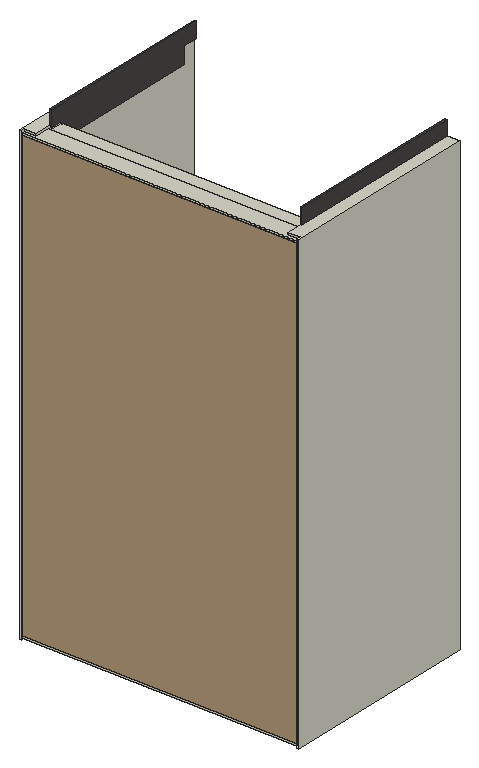
Revit family "vanity unit-hansgrohe-54167XXX-Xevolos E Vanity unit Sand Matt Beige 340_245 for handrinse basin, door hinge left", category Furniture, Revit 2019
Family settings
  OmniClass Number = 23.40.00.00
  OmniClass Title = Equipment and Furnishings
  Work Plane-Based = No
  Always vertical = Yes
  Cut with Voids When Loaded = No
  Shared = Yes
  Room Calculation Point = No
Parameters (values of type "54167390-SAND_MATT_BEIGE-PATTEREND_BRONZE-400")
  etim7_EC011381 = "EC011381"
  WEIGHT = "8"
  UNSPSC = "56 | Furniture and Furnishings"
  UNIFORMATII = "E2010 | Fixed Furnishings"
  UNICLASS_2015_CODE = "40_30_78_05"
  UNICLASS2015 = "Pr_40_30_78_05 | Bathroom furniture"
  SURFACE = "PATTEREND_BRONZE"
  REGION = "Worldwide"
  PRODUCTURL = "https://pro.hansgrohe.com/articledetail--54167790"
  PERMALINK = "54167XXX"
  OMNICLASS = "23-21 19 15 33 13 | Residential Bathroom Specialty Casework"
  OBJECTTYPE = "Object (single object)"
  OBERFLAECHE = "SAND_MATT_BEIGE"
  NN = "Vanity Unit for handrinse basin, door hinge"
  NBSYN = "$ARTNR.-$OBERFLAECHE.-$SURFACE.-$LODLEVEL."
  NB = "54167390-SAND_MATT_BEIGE-PATTEREND_BRONZE-400"
  NAME = "Xevolos E Vanity unit Sand Matt Beige 340/245 for handrinse basin, door hinge left"
  Model = "54167390-SAND_MATT_BEIGE-PATTEREND_BRONZE-400"
  Manufacturer = "Hansgrohe"
  MIdent = "{$CADENAS_DATA/23d-libs/hansgrohe/xevolos_furniture/xevolos_vanity_unit_for_handrinse_basin_door_hinge/vanity_unit_for_handrinse_basin_with_door_hing.prj},275 {VTYP=3D},{NB=54167390-SAND_MATT_BEIGE-PATTEREND_BRONZE-400},{LINA=54167390-SAND_MATT_BEIGE-PATTEREND_BRONZE-400},{NN=Vanity Unit for handrinse basin, door hinge},{DATE=13.03.2023 12:26:36},{GEOMDATE=12.03.2023 06:59:00},{VERSION=},{LINEID=40},{WBVAR=LODLEVEL},{WBNUMERIC=}  {NB=54167390-SAND_MATT_BEIGE-PATTEREND_BRONZE-400},{LINA=54167390-SAND_MATT_BEIGE-PATTEREND_BRONZE-400},{KT=DUMMY},{IDNR=4},{ARTNR=54167390},{BASENUMBER=54167},{MODEL=54167XXX},{OBERFLAECHE=SAND_MATT_BEIGE},{SURFACE=PATTEREND_BRONZE},{L=340},{LODLEVEL=400},{LODLEVELX='400','400','200','200'},{NAME=Xevolos E Vanity unit Sand Matt Beige 340/245 for handrinse basin, door hinge left},{PERMALINK=54167XXX},{OBJECTTYPE=Object (single object)},{BIMOBJECT=Sanitary: Compound units},{COLLECTIONSET=Xevolos E},{COLLECTION=vanity unit},{WEIGHT=8},{DESCRIPTION=Xevolos E Vanity unit Sand Matt Beige 340/245 for handrinse basin, door hinge left},{PRODUCTURL=https://pro.hansgrohe.com/articledetail--54167790},{GTINCODE=},{TENDERURL=},{IFC=Furnishing element},{ETIM=EC011381 | Bathroom furniture set},{UNICLASS2015=Pr_40_30_78_05 | Bathroom furniture},{OMNICLASS=23-21 19 15 33 13 | Residential Bathroom Specialty Casework},{MASTERFORMAT=12 35 30.23 | Bathroom Casework},{UNSPSC=56 | Furniture and Furnishings},{UNIFORMATII=E2010 | Fixed Furnishings},{REGION=Worldwide},{DESIGN=Germany},{MANUFACTURER=Germany}"
  MASTERFORMAT = "12 35 30.23 | Bathroom Casework"
  LODLEVEL = "400"
  LINA = "54167390-SAND_MATT_BEIGE-PATTEREND_BRONZE-400"
  L = 340
  IFC = "Furnishing element"
  IDNR = 4
  ETIM = "EC011381 | Bathroom furniture set"
  DESIGN = "Germany"
  COLLECTIONSET = "Xevolos E"
  COLLECTION = "vanity unit"
  CATALOG = "Hansgrohe"
  BIMOBJECT = "Sanitary: Compound units"
  BASENUMBER = "54167"
  ARTNR = "54167390"
  54167790-SAND_MATT_BEIGE-METALLIC_SAND_BEIGE-400_RX0RY0RZ0TX0TY0TZ0_V = no
  54167790-SAND_MATT_BEIGE-METALLIC_SAND_BEIGE-200_RX0RY0RZ0TX0TY0TZ0_V = no
  54167730-SAND_MATT_BEIGE-DARK_OAK-400_RX0RY0RZ0TX0TY0TZ0_V = no
  54167730-SAND_MATT_BEIGE-DARK_OAK-200_RX0RY0RZ0TX0TY0TZ0_V = no
  54167390-SAND_MATT_BEIGE-PATTEREND_BRONZE-400_RX0RY0RZ0TX0TY0TZ0_V = yes
  54167390-SAND_MATT_BEIGE-PATTEREND_BRONZE-200_RX0RY0RZ0TX0TY0TZ0_V = no
Types (6, lengths in mm): name | SURFACE | NB | Model | MIdent | LODLEVEL | LINA | IDNR | ARTNR | 54167790-SAND_MATT_BEIGE-METALLIC_SAND_BEIGE-400_RX0RY0RZ0TX0TY0TZ0_V | 54167790-SAND_MATT_BEIGE-METALLIC_SAND_BEIGE-200_RX0RY0RZ0TX0TY0TZ0_V | 54167730-SAND_MATT_BEIGE-DARK_OAK-400_RX0RY0RZ0TX0TY0TZ0_V | 54167730-SAND_MATT_BEIGE-DARK_OAK-200_RX0RY0RZ0TX0TY0TZ0_V | 54167390-SAND_MATT_BEIGE-PATTEREND_BRONZE-400_RX0RY0RZ0TX0TY0TZ0_V | 54167390-SAND_MATT_BEIGE-PATTEREND_BRONZE-200_RX0RY0RZ0TX0TY0TZ0_V
  54167390-SAND_MATT_BEIGE-PATTEREND_BRONZE-200 | "PATTEREND_BRONZE" | "54167390-SAND_MATT_BEIGE-PATTEREND_BRONZE-200" | "54167390-SAND_MATT_BEIGE-PATTEREND_BRONZE-200" | "{$CADENAS_DATA/23d-libs/hansgrohe/xevolos_furniture/xevolos_vanity_unit_for_handrinse_basin_door_hinge/vanity_unit_for_handrinse_basin_with_door_hing.prj},275 {VTYP=3D},{NB=54167390-SAND_MATT_BEIGE-PATTEREND_BRONZE-200},{LINA=54167390-SAND_MATT_BEIGE-PATTEREND_BRONZE-200},{NN=Vanity Unit for handrinse basin, door hinge},{DATE=13.03.2023 12:26:36},{GEOMDATE=12.03.2023 06:59:00},{VERSION=},{LINEID=40},{WBVAR=LODLEVEL},{WBNUMERIC=}  {NB=54167390-SAND_MATT_BEIGE-PATTEREND_BRONZE-200},{LINA=54167390-SAND_MATT_BEIGE-PATTEREND_BRONZE-200},{KT=DUMMY},{IDNR=4},{ARTNR=54167390},{BASENUMBER=54167},{MODEL=54167XXX},{OBERFLAECHE=SAND_MATT_BEIGE},{SURFACE=PATTEREND_BRONZE},{L=340},{LODLEVEL=200},{LODLEVELX='400','400','200','200'},{NAME=Xevolos E Vanity unit Sand Matt Beige 340/245 for handrinse basin, door hinge left},{PERMALINK=54167XXX},{OBJECTTYPE=Object (single object)},{BIMOBJECT=Sanitary: Compound units},{COLLECTIONSET=Xevolos E},{COLLECTION=vanity unit},{WEIGHT=8},{DESCRIPTION=Xevolos E Vanity unit Sand Matt Beige 340/245 for handrinse basin, door hinge left},{PRODUCTURL=https://pro.hansgrohe.com/articledetail--54167790},{GTINCODE=},{TENDERURL=},{IFC=Furnishing element},{ETIM=EC011381 | Bathroom furniture set},{UNICLASS2015=Pr_40_30_78_05 | Bathroom furniture},{OMNICLASS=23-21 19 15 33 13 | Residential Bathroom Specialty Casework},{MASTERFORMAT=12 35 30.23 | Bathroom Casework},{UNSPSC=56 | Furniture and Furnishings},{UNIFORMATII=E2010 | Fixed Furnishings},{REGION=Worldwide},{DESIGN=Germany},{MANUFACTURER=Germany}" | "200" | "54167390-SAND_MATT_BEIGE-PATTEREND_BRONZE-200" | 4 | "54167390" | no | no | no | no | no | yes
  54167390-SAND_MATT_BEIGE-PATTEREND_BRONZE-400 | "PATTEREND_BRONZE" | "54167390-SAND_MATT_BEIGE-PATTEREND_BRONZE-400" | "54167390-SAND_MATT_BEIGE-PATTEREND_BRONZE-400" | "{$CADENAS_DATA/23d-libs/hansgrohe/xevolos_furniture/xevolos_vanity_unit_for_handrinse_basin_door_hinge/vanity_unit_for_handrinse_basin_with_door_hing.prj},275 {VTYP=3D},{NB=54167390-SAND_MATT_BEIGE-PATTEREND_BRONZE-400},{LINA=54167390-SAND_MATT_BEIGE-PATTEREND_BRONZE-400},{NN=Vanity Unit for handrinse basin, door hinge},{DATE=13.03.2023 12:26:36},{GEOMDATE=12.03.2023 06:59:00},{VERSION=},{LINEID=40},{WBVAR=LODLEVEL},{WBNUMERIC=}  {NB=54167390-SAND_MATT_BEIGE-PATTEREND_BRONZE-400},{LINA=54167390-SAND_MATT_BEIGE-PATTEREND_BRONZE-400},{KT=DUMMY},{IDNR=4},{ARTNR=54167390},{BASENUMBER=54167},{MODEL=54167XXX},{OBERFLAECHE=SAND_MATT_BEIGE},{SURFACE=PATTEREND_BRONZE},{L=340},{LODLEVEL=400},{LODLEVELX='400','400','200','200'},{NAME=Xevolos E Vanity unit Sand Matt Beige 340/245 for handrinse basin, door hinge left},{PERMALINK=54167XXX},{OBJECTTYPE=Object (single object)},{BIMOBJECT=Sanitary: Compound units},{COLLECTIONSET=Xevolos E},{COLLECTION=vanity unit},{WEIGHT=8},{DESCRIPTION=Xevolos E Vanity unit Sand Matt Beige 340/245 for handrinse basin, door hinge left},{PRODUCTURL=https://pro.hansgrohe.com/articledetail--54167790},{GTINCODE=},{TENDERURL=},{IFC=Furnishing element},{ETIM=EC011381 | Bathroom furniture set},{UNICLASS2015=Pr_40_30_78_05 | Bathroom furniture},{OMNICLASS=23-21 19 15 33 13 | Residential Bathroom Specialty Casework},{MASTERFORMAT=12 35 30.23 | Bathroom Casework},{UNSPSC=56 | Furniture and Furnishings},{UNIFORMATII=E2010 | Fixed Furnishings},{REGION=Worldwide},{DESIGN=Germany},{MANUFACTURER=Germany}" | "400" | "54167390-SAND_MATT_BEIGE-PATTEREND_BRONZE-400" | 4 | "54167390" | no | no | no | no | yes | no
  54167730-SAND_MATT_BEIGE-DARK_OAK-200 | "DARK_OAK" | "54167730-SAND_MATT_BEIGE-DARK_OAK-200" | "54167730-SAND_MATT_BEIGE-DARK_OAK-200" | "{$CADENAS_DATA/23d-libs/hansgrohe/xevolos_furniture/xevolos_vanity_unit_for_handrinse_basin_door_hinge/vanity_unit_for_handrinse_basin_with_door_hing.prj},259 {VTYP=3D},{NB=54167730-SAND_MATT_BEIGE-DARK_OAK-200},{LINA=54167730-SAND_MATT_BEIGE-DARK_OAK-200},{NN=Vanity Unit for handrinse basin, door hinge},{DATE=13.03.2023 12:26:36},{GEOMDATE=12.03.2023 06:59:00},{VERSION=},{LINEID=50},{WBVAR=LODLEVEL},{WBNUMERIC=}  {NB=54167730-SAND_MATT_BEIGE-DARK_OAK-200},{LINA=54167730-SAND_MATT_BEIGE-DARK_OAK-200},{KT=DUMMY},{IDNR=5},{ARTNR=54167730},{BASENUMBER=54167},{MODEL=54167XXX},{OBERFLAECHE=SAND_MATT_BEIGE},{SURFACE=DARK_OAK},{L=340},{LODLEVEL=200},{LODLEVELX='400','400','200','200'},{NAME=Xevolos E Vanity unit Sand Matt Beige 340/245 for handrinse basin, door hinge left},{PERMALINK=54167XXX},{OBJECTTYPE=Object (single object)},{BIMOBJECT=Sanitary: Compound units},{COLLECTIONSET=Xevolos E},{COLLECTION=vanity unit},{WEIGHT=8},{DESCRIPTION=Xevolos E Vanity unit Sand Matt Beige 340/245 for handrinse basin, door hinge left},{PRODUCTURL=https://pro.hansgrohe.com/articledetail--54167790},{GTINCODE=},{TENDERURL=},{IFC=Furnishing element},{ETIM=EC011381 | Bathroom furniture set},{UNICLASS2015=Pr_40_30_78_05 | Bathroom furniture},{OMNICLASS=23-21 19 15 33 13 | Residential Bathroom Specialty Casework},{MASTERFORMAT=12 35 30.23 | Bathroom Casework},{UNSPSC=56 | Furniture and Furnishings},{UNIFORMATII=E2010 | Fixed Furnishings},{REGION=Worldwide},{DESIGN=Germany},{MANUFACTURER=Germany}" | "200" | "54167730-SAND_MATT_BEIGE-DARK_OAK-200" | 5 | "54167730" | no | no | no | yes | no | no
  54167730-SAND_MATT_BEIGE-DARK_OAK-400 | "DARK_OAK" | "54167730-SAND_MATT_BEIGE-DARK_OAK-400" | "54167730-SAND_MATT_BEIGE-DARK_OAK-400" | "{$CADENAS_DATA/23d-libs/hansgrohe/xevolos_furniture/xevolos_vanity_unit_for_handrinse_basin_door_hinge/vanity_unit_for_handrinse_basin_with_door_hing.prj},259 {VTYP=3D},{NB=54167730-SAND_MATT_BEIGE-DARK_OAK-400},{LINA=54167730-SAND_MATT_BEIGE-DARK_OAK-400},{NN=Vanity Unit for handrinse basin, door hinge},{DATE=13.03.2023 12:26:36},{GEOMDATE=12.03.2023 06:59:00},{VERSION=},{LINEID=50},{WBVAR=LODLEVEL},{WBNUMERIC=}  {NB=54167730-SAND_MATT_BEIGE-DARK_OAK-400},{LINA=54167730-SAND_MATT_BEIGE-DARK_OAK-400},{KT=DUMMY},{IDNR=5},{ARTNR=54167730},{BASENUMBER=54167},{MODEL=54167XXX},{OBERFLAECHE=SAND_MATT_BEIGE},{SURFACE=DARK_OAK},{L=340},{LODLEVEL=400},{LODLEVELX='400','400','200','200'},{NAME=Xevolos E Vanity unit Sand Matt Beige 340/245 for handrinse basin, door hinge left},{PERMALINK=54167XXX},{OBJECTTYPE=Object (single object)},{BIMOBJECT=Sanitary: Compound units},{COLLECTIONSET=Xevolos E},{COLLECTION=vanity unit},{WEIGHT=8},{DESCRIPTION=Xevolos E Vanity unit Sand Matt Beige 340/245 for handrinse basin, door hinge left},{PRODUCTURL=https://pro.hansgrohe.com/articledetail--54167790},{GTINCODE=},{TENDERURL=},{IFC=Furnishing element},{ETIM=EC011381 | Bathroom furniture set},{UNICLASS2015=Pr_40_30_78_05 | Bathroom furniture},{OMNICLASS=23-21 19 15 33 13 | Residential Bathroom Specialty Casework},{MASTERFORMAT=12 35 30.23 | Bathroom Casework},{UNSPSC=56 | Furniture and Furnishings},{UNIFORMATII=E2010 | Fixed Furnishings},{REGION=Worldwide},{DESIGN=Germany},{MANUFACTURER=Germany}" | "400" | "54167730-SAND_MATT_BEIGE-DARK_OAK-400" | 5 | "54167730" | no | no | yes | no | no | no
  54167790-SAND_MATT_BEIGE-METALLIC_SAND_BEIGE-200 | "METALLIC_SAND_BEIGE" | "54167790-SAND_MATT_BEIGE-METALLIC_SAND_BEIGE-200" | "54167790-SAND_MATT_BEIGE-METALLIC_SAND_BEIGE-200" | "{$CADENAS_DATA/23d-libs/hansgrohe/xevolos_furniture/xevolos_vanity_unit_for_handrinse_basin_door_hinge/vanity_unit_for_handrinse_basin_with_door_hing.prj},281 {VTYP=3D},{NB=54167790-SAND_MATT_BEIGE-METALLIC_SAND_BEIGE-200},{LINA=54167790-SAND_MATT_BEIGE-METALLIC_SAND_BEIGE-200},{NN=Vanity Unit for handrinse basin, door hinge},{DATE=13.03.2023 12:26:36},{GEOMDATE=12.03.2023 06:59:00},{VERSION=},{LINEID=60},{WBVAR=LODLEVEL},{WBNUMERIC=}  {NB=54167790-SAND_MATT_BEIGE-METALLIC_SAND_BEIGE-200},{LINA=54167790-SAND_MATT_BEIGE-METALLIC_SAND_BEIGE-200},{KT=DUMMY},{IDNR=6},{ARTNR=54167790},{BASENUMBER=54167},{MODEL=54167XXX},{OBERFLAECHE=SAND_MATT_BEIGE},{SURFACE=METALLIC_SAND_BEIGE},{L=340},{LODLEVEL=200},{LODLEVELX='400','400','200','200'},{NAME=Xevolos E Vanity unit Sand Matt Beige 340/245 for handrinse basin, door hinge left},{PERMALINK=54167XXX},{OBJECTTYPE=Object (single object)},{BIMOBJECT=Sanitary: Compound units},{COLLECTIONSET=Xevolos E},{COLLECTION=vanity unit},{WEIGHT=8},{DESCRIPTION=Xevolos E Vanity unit Sand Matt Beige 340/245 for handrinse basin, door hinge left},{PRODUCTURL=https://pro.hansgrohe.com/articledetail--54167790},{GTINCODE=},{TENDERURL=},{IFC=Furnishing element},{ETIM=EC011381 | Bathroom furniture set},{UNICLASS2015=Pr_40_30_78_05 | Bathroom furniture},{OMNICLASS=23-21 19 15 33 13 | Residential Bathroom Specialty Casework},{MASTERFORMAT=12 35 30.23 | Bathroom Casework},{UNSPSC=56 | Furniture and Furnishings},{UNIFORMATII=E2010 | Fixed Furnishings},{REGION=Worldwide},{DESIGN=Germany},{MANUFACTURER=Germany}" | "200" | "54167790-SAND_MATT_BEIGE-METALLIC_SAND_BEIGE-200" | 6 | "54167790" | no | yes | no | no | no | no
  54167790-SAND_MATT_BEIGE-METALLIC_SAND_BEIGE-400 | "METALLIC_SAND_BEIGE" | "54167790-SAND_MATT_BEIGE-METALLIC_SAND_BEIGE-400" | "54167790-SAND_MATT_BEIGE-METALLIC_SAND_BEIGE-400" | "{$CADENAS_DATA/23d-libs/hansgrohe/xevolos_furniture/xevolos_vanity_unit_for_handrinse_basin_door_hinge/vanity_unit_for_handrinse_basin_with_door_hing.prj},281 {VTYP=3D},{NB=54167790-SAND_MATT_BEIGE-METALLIC_SAND_BEIGE-400},{LINA=54167790-SAND_MATT_BEIGE-METALLIC_SAND_BEIGE-400},{NN=Vanity Unit for handrinse basin, door hinge},{DATE=13.03.2023 12:26:36},{GEOMDATE=12.03.2023 06:59:00},{VERSION=},{LINEID=60},{WBVAR=LODLEVEL},{WBNUMERIC=}  {NB=54167790-SAND_MATT_BEIGE-METALLIC_SAND_BEIGE-400},{LINA=54167790-SAND_MATT_BEIGE-METALLIC_SAND_BEIGE-400},{KT=DUMMY},{IDNR=6},{ARTNR=54167790},{BASENUMBER=54167},{MODEL=54167XXX},{OBERFLAECHE=SAND_MATT_BEIGE},{SURFACE=METALLIC_SAND_BEIGE},{L=340},{LODLEVEL=400},{LODLEVELX='400','400','200','200'},{NAME=Xevolos E Vanity unit Sand Matt Beige 340/245 for handrinse basin, door hinge left},{PERMALINK=54167XXX},{OBJECTTYPE=Object (single object)},{BIMOBJECT=Sanitary: Compound units},{COLLECTIONSET=Xevolos E},{COLLECTION=vanity unit},{WEIGHT=8},{DESCRIPTION=Xevolos E Vanity unit Sand Matt Beige 340/245 for handrinse basin, door hinge left},{PRODUCTURL=https://pro.hansgrohe.com/articledetail--54167790},{GTINCODE=},{TENDERURL=},{IFC=Furnishing element},{ETIM=EC011381 | Bathroom furniture set},{UNICLASS2015=Pr_40_30_78_05 | Bathroom furniture},{OMNICLASS=23-21 19 15 33 13 | Residential Bathroom Specialty Casework},{MASTERFORMAT=12 35 30.23 | Bathroom Casework},{UNSPSC=56 | Furniture and Furnishings},{UNIFORMATII=E2010 | Fixed Furnishings},{REGION=Worldwide},{DESIGN=Germany},{MANUFACTURER=Germany}" | "400" | "54167790-SAND_MATT_BEIGE-METALLIC_SAND_BEIGE-400" | 6 | "54167790" | yes | no | no | no | no | no
Reference planes
  plane 1 "Center (Front/Back)": y = 0
  plane 2: z = 0
  plane 3 "Center (Left/Right)": x = 0
Dimensions and locks
  aligned and locked: level to plane 2
Nested families
  nested 1: "54167390-sand_matt_beige-patterend_bronze-200_content" at (0, 0, 0), visible <- "54167390-SAND_MATT_BEIGE-PATTEREND_BRONZE-200_RX0RY0RZ0TX0TY0TZ0_V", ContentVisible <- "54167390-SAND_MATT_BEIGE-PATTEREND_BRONZE-200_RX0RY0RZ0TX0TY0TZ0_V", type "54167390-SAND_MATT_BEIGE-PATTEREND_BRONZE-200_Content"
    with ContentVisible no
  nested 2: "54167390-sand_matt_beige-patterend_bronze-400_content" at (0, 0, 0), visible <- "54167390-SAND_MATT_BEIGE-PATTEREND_BRONZE-400_RX0RY0RZ0TX0TY0TZ0_V", ContentVisible <- "54167390-SAND_MATT_BEIGE-PATTEREND_BRONZE-400_RX0RY0RZ0TX0TY0TZ0_V", type "54167390-SAND_MATT_BEIGE-PATTEREND_BRONZE-400_Content"
    with ContentVisible yes
  nested 3: "54167730-sand_matt_beige-dark_oak-200_content" at (0, 0, 0), visible <- "54167730-SAND_MATT_BEIGE-DARK_OAK-200_RX0RY0RZ0TX0TY0TZ0_V", ContentVisible <- "54167730-SAND_MATT_BEIGE-DARK_OAK-200_RX0RY0RZ0TX0TY0TZ0_V", type "54167730-SAND_MATT_BEIGE-DARK_OAK-200_Content"
    with ContentVisible no
  nested 4: "54167730-sand_matt_beige-dark_oak-400_content" at (0, 0, 0), visible <- "54167730-SAND_MATT_BEIGE-DARK_OAK-400_RX0RY0RZ0TX0TY0TZ0_V", ContentVisible <- "54167730-SAND_MATT_BEIGE-DARK_OAK-400_RX0RY0RZ0TX0TY0TZ0_V", type "54167730-SAND_MATT_BEIGE-DARK_OAK-400_Content"
    with ContentVisible no
  nested 5: "54167790-sand_matt_beige-metallic_sand_beige-200_content" at (0, 0, 0), visible <- "54167790-SAND_MATT_BEIGE-METALLIC_SAND_BEIGE-200_RX0RY0RZ0TX0TY0TZ0_V", ContentVisible <- "54167790-SAND_MATT_BEIGE-METALLIC_SAND_BEIGE-200_RX0RY0RZ0TX0TY0TZ0_V", type "54167790-SAND_MATT_BEIGE-METALLIC_SAND_BEIGE-200_Content"
    with ContentVisible no
  nested 6: "54167790-sand_matt_beige-metallic_sand_beige-400_content" at (0, 0, 0), visible <- "54167790-SAND_MATT_BEIGE-METALLIC_SAND_BEIGE-400_RX0RY0RZ0TX0TY0TZ0_V", ContentVisible <- "54167790-SAND_MATT_BEIGE-METALLIC_SAND_BEIGE-400_RX0RY0RZ0TX0TY0TZ0_V", type "54167790-SAND_MATT_BEIGE-METALLIC_SAND_BEIGE-400_Content"
    with ContentVisible no
Definition of nested family "54167390-sand_matt_beige-patterend_bronze-400_content"
  Parameters (values of type "54167390-SAND_MATT_BEIGE-PATTEREND_BRONZE-400_Content")
    etim7_EC011381 = "EC011381"
    WEIGHT = "8"
    UNSPSC = "56 | Furniture and Furnishings"
    UNIFORMATII = "E2010 | Fixed Furnishings"
    UNICLASS_2015_CODE = "40_30_78_05"
    UNICLASS2015 = "Pr_40_30_78_05 | Bathroom furniture"
    SURFACE = "PATTEREND_BRONZE"
    REGION = "Worldwide"
    PRODUCTURL = "https://pro.hansgrohe.com/articledetail--54167790"
    PERMALINK = "54167XXX"
    OMNICLASS = "23-21 19 15 33 13 | Residential Bathroom Specialty Casework"
    OBJECTTYPE = "Object (single object)"
    OBERFLAECHE = "SAND_MATT_BEIGE"
    NN = "Vanity Unit for handrinse basin, door hinge"
    NBSYN = "$ARTNR.-$OBERFLAECHE.-$SURFACE.-$LODLEVEL."
    NB = "54167390-SAND_MATT_BEIGE-PATTEREND_BRONZE-400"
    NAME = "Xevolos E Vanity unit Sand Matt Beige 340/245 for handrinse basin, door hinge left"
    Model = "54167390-SAND_MATT_BEIGE-PATTEREND_BRONZE-400"
    Manufacturer = "Hansgrohe"
    MASTERFORMAT = "12 35 30.23 | Bathroom Casework"
    LODLEVEL = "400"
    LINA = "54167390-SAND_MATT_BEIGE-PATTEREND_BRONZE-400"
    L = 340
    IFC = "Furnishing element"
    IDNR = 4
    ETIM = "EC011381 | Bathroom furniture set"
    Default Elevation = 1219.2 mm
    DESIGN = "Germany"
    ContentVisible [instance] = yes
    COLLECTIONSET = "Xevolos E"
    COLLECTION = "vanity unit"
    CATALOG = "Hansgrohe"
    BIMOBJECT = "Sanitary: Compound units"
    BASENUMBER = "54167"
    ARTNR = "54167390"
  Reference planes
    plane 1 "Center (Front/Back)": y = 0
    plane 2: z = 0
    plane 3 "Center (Left/Right)": x = 0
  Forms (mm)
    Extrusion 1, solid, visible <- "ContentVisible", detail levels medium+fine
      sketch origin (0, 0, 0) x (1, 0, 0) y (0, 1, 0)
        loop
          line (-170, 0) -> (-170, -245.25) -> (-168, -245.25) -> (-168, -241.25) -> (-154, -241.25) -> (-154, 0) -> (-170, 0)
      from 0 to 556
    Extrusion 2, solid, visible <- "ContentVisible", detail levels medium+fine
      sketch origin (0, 0, 0) x (1, 0, 0) y (0, 1, 0)
        loop
          line (-154, -20) -> (-154, -219.5) -> (154, -219.5) -> (154, -20) -> (-154, -20)
      from 0 to 16
    Extrusion 3, solid, visible <- "ContentVisible", detail levels medium+fine
      sketch origin (0, 0, 0) x (1, 0, 0) y (0, 1, 0)
        loop
          line (154, 0) -> (154, -241.25) -> (168, -241.25) -> (168, -245.25) -> (170, -245.25) -> (170, 0) -> (154, 0)
      from 0 to 556
    Extrusion 4, solid, visible <- "ContentVisible", detail levels medium+fine
      sketch origin (0, 0, 0.5) x (1, 0, 0) y (0, 1, 0)
        loop
          line (-154, -4) -> (-154, -20) -> (154, -20) -> (154, -4) -> (-154, -4)
      from 0 to 126
    Extrusion 5, solid, visible <- "ContentVisible", detail levels medium+fine
      sketch origin (0, 0, 2) x (1, 0, 0) y (0, 1, 0)
        loop
          line (-168, -223.95) -> (-168, -245.25) -> (168, -245.25) -> (168, -223.95) -> (-168, -223.95)
      from 0 to 2
    Extrusion 6, solid, visible <- "ContentVisible", detail levels medium+fine
      sketch origin (0, 0, 554) x (1, 0, 0) y (0, 1, 0)
        loop
          line (-168, -223.95) -> (-168, -245.25) -> (168, -245.25) -> (168, -223.95) -> (-168, -223.95)
      from -2 to 0
    Extrusion 7, solid, visible <- "ContentVisible", detail levels medium+fine
      sketch origin (0, -241.25, 0) x (1, 0, 0) y (0, 0, -1)
        loop
          line (-168, -552) -> (168, -552) -> (168, -4) -> (-168, -4) -> (-168, -552)
      from -4 to 0
    Extrusion 8, solid, visible <- "ContentVisible", detail levels medium+fine
      sketch origin (0, -241.25, 0) x (1, 0, 0) y (0, 0, -1)
        loop
          line (-154, -552) -> (154, -552) -> (154, -4) -> (-154, -4) -> (-154, -552)
        loop
          line (-95, -78) -> (-95, -474) -> (95, -474) -> (95, -78) -> (-95, -78)
      from 0 to 17.3
    Extrusion 9, solid, visible <- "ContentVisible", detail levels medium+fine
      sketch origin (-154, 0, 0) x (0, 0, -1) y (0, 1, 0)
        loop
          line (-574, 0) -> (-574, -220) -> (-554, -220) -> (-554, -203.5) -> (-534, -203.5) -> (-534, -17.5) -> (-554, -17.5) -> (-554, 0) -> (-574, 0)
      from 0 to 2
    Extrusion 10, solid, visible <- "ContentVisible", detail levels medium+fine
      sketch origin (154, 0, 0) x (0, 0, -1) y (0, 1, 0)
        loop
          line (-574, 0) -> (-574, -220) -> (-554, -220) -> (-554, -203.5) -> (-534, -203.5) -> (-534, -17.5) -> (-554, -17.5) -> (-554, 0) -> (-574, 0)
      from -2 to 0
    Extrusion 11, solid, visible <- "ContentVisible", detail levels medium+fine
      sketch origin (0, 0, 0) x (0, 0, -1) y (0, 1, 0)
        loop
          line (-551, -203.5) -> (-551, -219.5) -> (-477, -219.5) -> (-477, -203.5) -> (-551, -203.5)
      from -154 to 154
    Extrusion 12, solid, visible <- "ContentVisible", detail levels coarse
      sketch origin (0, -122.625, 0) x (1, 0, 0) y (0, 1, 0)
        loop
          line (-170, -122.625) -> (170, -122.625) -> (170, 122.625) -> (-170, 122.625) -> (-170, -122.625)
      from 0 to 574
  Dimensions and locks
    aligned and locked: level to plane 2
Definition of nested family "54167390-sand_matt_beige-patterend_bronze-200_content"
  Parameters (values of type "54167390-SAND_MATT_BEIGE-PATTEREND_BRONZE-200_Content")
    etim7_EC011381 = "EC011381"
    WEIGHT = "8"
    UNSPSC = "56 | Furniture and Furnishings"
    UNIFORMATII = "E2010 | Fixed Furnishings"
    UNICLASS_2015_CODE = "40_30_78_05"
    UNICLASS2015 = "Pr_40_30_78_05 | Bathroom furniture"
    SURFACE = "PATTEREND_BRONZE"
    REGION = "Worldwide"
    PRODUCTURL = "https://pro.hansgrohe.com/articledetail--54167790"
    PERMALINK = "54167XXX"
    OMNICLASS = "23-21 19 15 33 13 | Residential Bathroom Specialty Casework"
    OBJECTTYPE = "Object (single object)"
    OBERFLAECHE = "SAND_MATT_BEIGE"
    NN = "Vanity Unit for handrinse basin, door hinge"
    NBSYN = "$ARTNR.-$OBERFLAECHE.-$SURFACE.-$LODLEVEL."
    NB = "54167390-SAND_MATT_BEIGE-PATTEREND_BRONZE-200"
    NAME = "Xevolos E Vanity unit Sand Matt Beige 340/245 for handrinse basin, door hinge left"
    Model = "54167390-SAND_MATT_BEIGE-PATTEREND_BRONZE-200"
    Manufacturer = "Hansgrohe"
    MASTERFORMAT = "12 35 30.23 | Bathroom Casework"
    LODLEVEL = "200"
    LINA = "54167390-SAND_MATT_BEIGE-PATTEREND_BRONZE-200"
    L = 340
    IFC = "Furnishing element"
    IDNR = 4
    ETIM = "EC011381 | Bathroom furniture set"
    Default Elevation = 1219.2 mm
    DESIGN = "Germany"
    ContentVisible [instance] = yes
    COLLECTIONSET = "Xevolos E"
    COLLECTION = "vanity unit"
    CATALOG = "Hansgrohe"
    BIMOBJECT = "Sanitary: Compound units"
    BASENUMBER = "54167"
    ARTNR = "54167390"
  Reference planes
    plane 1 "Center (Front/Back)": y = 0
    plane 2: z = 0
    plane 3 "Center (Left/Right)": x = 0
  Forms (mm)
    Extrusion 1, solid, visible <- "ContentVisible", detail levels medium+fine
      sketch origin (0, 0, 0) x (1, 0, 0) y (0, 1, 0)
        loop
          line (-170, 0) -> (-170, -241.25) -> (170, -241.25) -> (170, 0) -> (-170, 0)
      from 0 to 556
    Extrusion 2, solid, visible <- "ContentVisible", detail levels medium+fine
      sketch origin (0, -241.25, 0) x (1, 0, 0) y (0, 0, -1)
        loop
          line (-170, -278) -> (-168, -278) -> (-168, -4) -> (168, -4) -> (168, -278) -> (170, -278) -> (170, -2) -> (-170, -2) -> (-170, -278)
      from -4 to 0
    Extrusion 3, solid, visible <- "ContentVisible", detail levels medium+fine
      sketch origin (0, -241.25, 0) x (1, 0, 0) y (0, 0, -1)
        loop
          line (-170, -278) -> (-170, -554) -> (170, -554) -> (170, -278) -> (168, -278) -> (168, -552) -> (-168, -552) -> (-168, -278) -> (-170, -278)
      from -4 to 0
    Extrusion 4, solid, visible <- "ContentVisible", detail levels medium+fine
      sketch origin (0, -241.25, 0) x (1, 0, 0) y (0, 0, -1)
        loop
          line (-168, -552) -> (168, -552) -> (168, -4) -> (-168, -4) -> (-168, -552)
      from -4 to 0
    Extrusion 5, solid, visible <- "ContentVisible", detail levels medium+fine
      sketch origin (-154, 0, 0) x (0, 0, -1) y (0, 1, 0)
        loop
          line (-574, 0) -> (-574, -220) -> (-554, -220) -> (-554, -203.5) -> (-534, -203.5) -> (-534, -17.5) -> (-554, -17.5) -> (-554, 0) -> (-574, 0)
      from 0 to 2
    Extrusion 6, solid, visible <- "ContentVisible", detail levels medium+fine
      sketch origin (154, 0, 0) x (0, 0, -1) y (0, 1, 0)
        loop
          line (-574, 0) -> (-574, -220) -> (-554, -220) -> (-554, -203.5) -> (-534, -203.5) -> (-534, -17.5) -> (-554, -17.5) -> (-554, 0) -> (-574, 0)
      from -2 to 0
    Extrusion 7, solid, visible <- "ContentVisible", detail levels coarse
      sketch origin (0, -122.625, 0) x (1, 0, 0) y (0, 1, 0)
        loop
          line (-170, -122.625) -> (170, -122.625) -> (170, 122.625) -> (-170, 122.625) -> (-170, -122.625)
      from 0 to 574
  Dimensions and locks
    aligned and locked: level to plane 2
Definition of nested family "54167730-sand_matt_beige-dark_oak-200_content"
  Parameters (values of type "54167730-SAND_MATT_BEIGE-DARK_OAK-200_Content")
    etim7_EC011381 = "EC011381"
    WEIGHT = "8"
    UNSPSC = "56 | Furniture and Furnishings"
    UNIFORMATII = "E2010 | Fixed Furnishings"
    UNICLASS_2015_CODE = "40_30_78_05"
    UNICLASS2015 = "Pr_40_30_78_05 | Bathroom furniture"
    SURFACE = "DARK_OAK"
    REGION = "Worldwide"
    PRODUCTURL = "https://pro.hansgrohe.com/articledetail--54167790"
    PERMALINK = "54167XXX"
    OMNICLASS = "23-21 19 15 33 13 | Residential Bathroom Specialty Casework"
    OBJECTTYPE = "Object (single object)"
    OBERFLAECHE = "SAND_MATT_BEIGE"
    NN = "Vanity Unit for handrinse basin, door hinge"
    NBSYN = "$ARTNR.-$OBERFLAECHE.-$SURFACE.-$LODLEVEL."
    NB = "54167730-SAND_MATT_BEIGE-DARK_OAK-200"
    NAME = "Xevolos E Vanity unit Sand Matt Beige 340/245 for handrinse basin, door hinge left"
    Model = "54167730-SAND_MATT_BEIGE-DARK_OAK-200"
    Manufacturer = "Hansgrohe"
    MASTERFORMAT = "12 35 30.23 | Bathroom Casework"
    LODLEVEL = "200"
    LINA = "54167730-SAND_MATT_BEIGE-DARK_OAK-200"
    L = 340
    IFC = "Furnishing element"
    IDNR = 5
    ETIM = "EC011381 | Bathroom furniture set"
    Default Elevation = 1219.2 mm
    DESIGN = "Germany"
    ContentVisible [instance] = yes
    COLLECTIONSET = "Xevolos E"
    COLLECTION = "vanity unit"
    CATALOG = "Hansgrohe"
    BIMOBJECT = "Sanitary: Compound units"
    BASENUMBER = "54167"
    ARTNR = "54167730"
  Reference planes
    plane 1 "Center (Front/Back)": y = 0
    plane 2: z = 0
    plane 3 "Center (Left/Right)": x = 0
  Forms (mm)
    Extrusion 1, solid, visible <- "ContentVisible", detail levels medium+fine
      sketch origin (0, 0, 0) x (1, 0, 0) y (0, 1, 0)
        loop
          line (-170, 0) -> (-170, -241.25) -> (170, -241.25) -> (170, 0) -> (-170, 0)
      from 0 to 556
    Extrusion 2, solid, visible <- "ContentVisible", detail levels medium+fine
      sketch origin (0, -241.25, 0) x (1, 0, 0) y (0, 0, -1)
        loop
          line (-170, -278) -> (-168, -278) -> (-168, -4) -> (168, -4) -> (168, -278) -> (170, -278) -> (170, -2) -> (-170, -2) -> (-170, -278)
      from -4 to 0
    Extrusion 3, solid, visible <- "ContentVisible", detail levels medium+fine
      sketch origin (0, -241.25, 0) x (1, 0, 0) y (0, 0, -1)
        loop
          line (-170, -278) -> (-170, -554) -> (170, -554) -> (170, -278) -> (168, -278) -> (168, -552) -> (-168, -552) -> (-168, -278) -> (-170, -278)
      from -4 to 0
    Extrusion 4, solid, visible <- "ContentVisible", detail levels medium+fine
      sketch origin (0, -241.25, 0) x (1, 0, 0) y (0, 0, -1)
        loop
          line (-168, -552) -> (168, -552) -> (168, -4) -> (-168, -4) -> (-168, -552)
      from -4 to 0
    Extrusion 5, solid, visible <- "ContentVisible", detail levels medium+fine
      sketch origin (-154, 0, 0) x (0, 0, -1) y (0, 1, 0)
        loop
          line (-574, 0) -> (-574, -220) -> (-554, -220) -> (-554, -203.5) -> (-534, -203.5) -> (-534, -17.5) -> (-554, -17.5) -> (-554, 0) -> (-574, 0)
      from 0 to 2
    Extrusion 6, solid, visible <- "ContentVisible", detail levels medium+fine
      sketch origin (154, 0, 0) x (0, 0, -1) y (0, 1, 0)
        loop
          line (-574, 0) -> (-574, -220) -> (-554, -220) -> (-554, -203.5) -> (-534, -203.5) -> (-534, -17.5) -> (-554, -17.5) -> (-554, 0) -> (-574, 0)
      from -2 to 0
    Extrusion 7, solid, visible <- "ContentVisible", detail levels coarse
      sketch origin (0, -122.625, 0) x (1, 0, 0) y (0, 1, 0)
        loop
          line (-170, -122.625) -> (170, -122.625) -> (170, 122.625) -> (-170, 122.625) -> (-170, -122.625)
      from 0 to 574
  Dimensions and locks
    aligned and locked: level to plane 2
Definition of nested family "54167730-sand_matt_beige-dark_oak-400_content"
  Parameters (values of type "54167730-SAND_MATT_BEIGE-DARK_OAK-400_Content")
    etim7_EC011381 = "EC011381"
    WEIGHT = "8"
    UNSPSC = "56 | Furniture and Furnishings"
    UNIFORMATII = "E2010 | Fixed Furnishings"
    UNICLASS_2015_CODE = "40_30_78_05"
    UNICLASS2015 = "Pr_40_30_78_05 | Bathroom furniture"
    SURFACE = "DARK_OAK"
    REGION = "Worldwide"
    PRODUCTURL = "https://pro.hansgrohe.com/articledetail--54167790"
    PERMALINK = "54167XXX"
    OMNICLASS = "23-21 19 15 33 13 | Residential Bathroom Specialty Casework"
    OBJECTTYPE = "Object (single object)"
    OBERFLAECHE = "SAND_MATT_BEIGE"
    NN = "Vanity Unit for handrinse basin, door hinge"
    NBSYN = "$ARTNR.-$OBERFLAECHE.-$SURFACE.-$LODLEVEL."
    NB = "54167730-SAND_MATT_BEIGE-DARK_OAK-400"
    NAME = "Xevolos E Vanity unit Sand Matt Beige 340/245 for handrinse basin, door hinge left"
    Model = "54167730-SAND_MATT_BEIGE-DARK_OAK-400"
    Manufacturer = "Hansgrohe"
    MASTERFORMAT = "12 35 30.23 | Bathroom Casework"
    LODLEVEL = "400"
    LINA = "54167730-SAND_MATT_BEIGE-DARK_OAK-400"
    L = 340
    IFC = "Furnishing element"
    IDNR = 5
    ETIM = "EC011381 | Bathroom furniture set"
    Default Elevation = 1219.2 mm
    DESIGN = "Germany"
    ContentVisible [instance] = yes
    COLLECTIONSET = "Xevolos E"
    COLLECTION = "vanity unit"
    CATALOG = "Hansgrohe"
    BIMOBJECT = "Sanitary: Compound units"
    BASENUMBER = "54167"
    ARTNR = "54167730"
  Reference planes
    plane 1 "Center (Front/Back)": y = 0
    plane 2: z = 0
    plane 3 "Center (Left/Right)": x = 0
  Forms (mm)
    Extrusion 1, solid, visible <- "ContentVisible", detail levels medium+fine
      sketch origin (0, 0, 0) x (1, 0, 0) y (0, 1, 0)
        loop
          line (-170, 0) -> (-170, -245.25) -> (-168, -245.25) -> (-168, -241.25) -> (-154, -241.25) -> (-154, 0) -> (-170, 0)
      from 0 to 556
    Extrusion 2, solid, visible <- "ContentVisible", detail levels medium+fine
      sketch origin (0, 0, 0) x (1, 0, 0) y (0, 1, 0)
        loop
          line (-154, -20) -> (-154, -219.5) -> (154, -219.5) -> (154, -20) -> (-154, -20)
      from 0 to 16
    Extrusion 3, solid, visible <- "ContentVisible", detail levels medium+fine
      sketch origin (0, 0, 0) x (1, 0, 0) y (0, 1, 0)
        loop
          line (154, 0) -> (154, -241.25) -> (168, -241.25) -> (168, -245.25) -> (170, -245.25) -> (170, 0) -> (154, 0)
      from 0 to 556
    Extrusion 4, solid, visible <- "ContentVisible", detail levels medium+fine
      sketch origin (0, 0, 0.5) x (1, 0, 0) y (0, 1, 0)
        loop
          line (-154, -4) -> (-154, -20) -> (154, -20) -> (154, -4) -> (-154, -4)
      from 0 to 126
    Extrusion 5, solid, visible <- "ContentVisible", detail levels medium+fine
      sketch origin (0, 0, 2) x (1, 0, 0) y (0, 1, 0)
        loop
          line (-168, -223.95) -> (-168, -245.25) -> (168, -245.25) -> (168, -223.95) -> (-168, -223.95)
      from 0 to 2
    Extrusion 6, solid, visible <- "ContentVisible", detail levels medium+fine
      sketch origin (0, 0, 554) x (1, 0, 0) y (0, 1, 0)
        loop
          line (-168, -223.95) -> (-168, -245.25) -> (168, -245.25) -> (168, -223.95) -> (-168, -223.95)
      from -2 to 0
    Extrusion 7, solid, visible <- "ContentVisible", detail levels medium+fine
      sketch origin (0, -241.25, 0) x (1, 0, 0) y (0, 0, -1)
        loop
          line (-168, -552) -> (168, -552) -> (168, -4) -> (-168, -4) -> (-168, -552)
      from -4 to 0
    Extrusion 8, solid, visible <- "ContentVisible", detail levels medium+fine
      sketch origin (0, -241.25, 0) x (1, 0, 0) y (0, 0, -1)
        loop
          line (-154, -552) -> (154, -552) -> (154, -4) -> (-154, -4) -> (-154, -552)
        loop
          line (-95, -78) -> (-95, -474) -> (95, -474) -> (95, -78) -> (-95, -78)
      from 0 to 17.3
    Extrusion 9, solid, visible <- "ContentVisible", detail levels medium+fine
      sketch origin (-154, 0, 0) x (0, 0, -1) y (0, 1, 0)
        loop
          line (-574, 0) -> (-574, -220) -> (-554, -220) -> (-554, -203.5) -> (-534, -203.5) -> (-534, -17.5) -> (-554, -17.5) -> (-554, 0) -> (-574, 0)
      from 0 to 2
    Extrusion 10, solid, visible <- "ContentVisible", detail levels medium+fine
      sketch origin (154, 0, 0) x (0, 0, -1) y (0, 1, 0)
        loop
          line (-574, 0) -> (-574, -220) -> (-554, -220) -> (-554, -203.5) -> (-534, -203.5) -> (-534, -17.5) -> (-554, -17.5) -> (-554, 0) -> (-574, 0)
      from -2 to 0
    Extrusion 11, solid, visible <- "ContentVisible", detail levels medium+fine
      sketch origin (0, 0, 0) x (0, 0, -1) y (0, 1, 0)
        loop
          line (-551, -203.5) -> (-551, -219.5) -> (-477, -219.5) -> (-477, -203.5) -> (-551, -203.5)
      from -154 to 154
    Extrusion 12, solid, visible <- "ContentVisible", detail levels coarse
      sketch origin (0, -122.625, 0) x (1, 0, 0) y (0, 1, 0)
        loop
          line (-170, -122.625) -> (170, -122.625) -> (170, 122.625) -> (-170, 122.625) -> (-170, -122.625)
      from 0 to 574
  Dimensions and locks
    aligned and locked: level to plane 2
Definition of nested family "54167790-sand_matt_beige-metallic_sand_beige-200_content"
  Parameters (values of type "54167790-SAND_MATT_BEIGE-METALLIC_SAND_BEIGE-200_Content")
    etim7_EC011381 = "EC011381"
    WEIGHT = "8"
    UNSPSC = "56 | Furniture and Furnishings"
    UNIFORMATII = "E2010 | Fixed Furnishings"
    UNICLASS_2015_CODE = "40_30_78_05"
    UNICLASS2015 = "Pr_40_30_78_05 | Bathroom furniture"
    SURFACE = "METALLIC_SAND_BEIGE"
    REGION = "Worldwide"
    PRODUCTURL = "https://pro.hansgrohe.com/articledetail--54167790"
    PERMALINK = "54167XXX"
    OMNICLASS = "23-21 19 15 33 13 | Residential Bathroom Specialty Casework"
    OBJECTTYPE = "Object (single object)"
    OBERFLAECHE = "SAND_MATT_BEIGE"
    NN = "Vanity Unit for handrinse basin, door hinge"
    NBSYN = "$ARTNR.-$OBERFLAECHE.-$SURFACE.-$LODLEVEL."
    NB = "54167790-SAND_MATT_BEIGE-METALLIC_SAND_BEIGE-200"
    NAME = "Xevolos E Vanity unit Sand Matt Beige 340/245 for handrinse basin, door hinge left"
    Model = "54167790-SAND_MATT_BEIGE-METALLIC_SAND_BEIGE-200"
    Manufacturer = "Hansgrohe"
    MASTERFORMAT = "12 35 30.23 | Bathroom Casework"
    LODLEVEL = "200"
    LINA = "54167790-SAND_MATT_BEIGE-METALLIC_SAND_BEIGE-200"
    L = 340
    IFC = "Furnishing element"
    IDNR = 6
    ETIM = "EC011381 | Bathroom furniture set"
    Default Elevation = 1219.2 mm
    DESIGN = "Germany"
    ContentVisible [instance] = yes
    COLLECTIONSET = "Xevolos E"
    COLLECTION = "vanity unit"
    CATALOG = "Hansgrohe"
    BIMOBJECT = "Sanitary: Compound units"
    BASENUMBER = "54167"
    ARTNR = "54167790"
  Reference planes
    plane 1 "Center (Front/Back)": y = 0
    plane 2: z = 0
    plane 3 "Center (Left/Right)": x = 0
  Forms (mm)
    Extrusion 1, solid, visible <- "ContentVisible", detail levels medium+fine
      sketch origin (0, 0, 0) x (1, 0, 0) y (0, 1, 0)
        loop
          line (-170, 0) -> (-170, -241.25) -> (170, -241.25) -> (170, 0) -> (-170, 0)
      from 0 to 556
    Extrusion 2, solid, visible <- "ContentVisible", detail levels medium+fine
      sketch origin (0, -241.25, 0) x (1, 0, 0) y (0, 0, -1)
        loop
          line (-170, -278) -> (-168, -278) -> (-168, -4) -> (168, -4) -> (168, -278) -> (170, -278) -> (170, -2) -> (-170, -2) -> (-170, -278)
      from -4 to 0
    Extrusion 3, solid, visible <- "ContentVisible", detail levels medium+fine
      sketch origin (0, -241.25, 0) x (1, 0, 0) y (0, 0, -1)
        loop
          line (-170, -278) -> (-170, -554) -> (170, -554) -> (170, -278) -> (168, -278) -> (168, -552) -> (-168, -552) -> (-168, -278) -> (-170, -278)
      from -4 to 0
    Extrusion 4, solid, visible <- "ContentVisible", detail levels medium+fine
      sketch origin (0, -241.25, 0) x (1, 0, 0) y (0, 0, -1)
        loop
          line (-168, -552) -> (168, -552) -> (168, -4) -> (-168, -4) -> (-168, -552)
      from -4 to 0
    Extrusion 5, solid, visible <- "ContentVisible", detail levels medium+fine
      sketch origin (-154, 0, 0) x (0, 0, -1) y (0, 1, 0)
        loop
          line (-574, 0) -> (-574, -220) -> (-554, -220) -> (-554, -203.5) -> (-534, -203.5) -> (-534, -17.5) -> (-554, -17.5) -> (-554, 0) -> (-574, 0)
      from 0 to 2
    Extrusion 6, solid, visible <- "ContentVisible", detail levels medium+fine
      sketch origin (154, 0, 0) x (0, 0, -1) y (0, 1, 0)
        loop
          line (-574, 0) -> (-574, -220) -> (-554, -220) -> (-554, -203.5) -> (-534, -203.5) -> (-534, -17.5) -> (-554, -17.5) -> (-554, 0) -> (-574, 0)
      from -2 to 0
    Extrusion 7, solid, visible <- "ContentVisible", detail levels coarse
      sketch origin (0, -122.625, 0) x (1, 0, 0) y (0, 1, 0)
        loop
          line (-170, -122.625) -> (170, -122.625) -> (170, 122.625) -> (-170, 122.625) -> (-170, -122.625)
      from 0 to 574
  Dimensions and locks
    aligned and locked: level to plane 2
Definition of nested family "54167790-sand_matt_beige-metallic_sand_beige-400_content"
  Parameters (values of type "54167790-SAND_MATT_BEIGE-METALLIC_SAND_BEIGE-400_Content")
    etim7_EC011381 = "EC011381"
    WEIGHT = "8"
    UNSPSC = "56 | Furniture and Furnishings"
    UNIFORMATII = "E2010 | Fixed Furnishings"
    UNICLASS_2015_CODE = "40_30_78_05"
    UNICLASS2015 = "Pr_40_30_78_05 | Bathroom furniture"
    SURFACE = "METALLIC_SAND_BEIGE"
    REGION = "Worldwide"
    PRODUCTURL = "https://pro.hansgrohe.com/articledetail--54167790"
    PERMALINK = "54167XXX"
    OMNICLASS = "23-21 19 15 33 13 | Residential Bathroom Specialty Casework"
    OBJECTTYPE = "Object (single object)"
    OBERFLAECHE = "SAND_MATT_BEIGE"
    NN = "Vanity Unit for handrinse basin, door hinge"
    NBSYN = "$ARTNR.-$OBERFLAECHE.-$SURFACE.-$LODLEVEL."
    NB = "54167790-SAND_MATT_BEIGE-METALLIC_SAND_BEIGE-400"
    NAME = "Xevolos E Vanity unit Sand Matt Beige 340/245 for handrinse basin, door hinge left"
    Model = "54167790-SAND_MATT_BEIGE-METALLIC_SAND_BEIGE-400"
    Manufacturer = "Hansgrohe"
    MASTERFORMAT = "12 35 30.23 | Bathroom Casework"
    LODLEVEL = "400"
    LINA = "54167790-SAND_MATT_BEIGE-METALLIC_SAND_BEIGE-400"
    L = 340
    IFC = "Furnishing element"
    IDNR = 6
    ETIM = "EC011381 | Bathroom furniture set"
    Default Elevation = 1219.2 mm
    DESIGN = "Germany"
    ContentVisible [instance] = yes
    COLLECTIONSET = "Xevolos E"
    COLLECTION = "vanity unit"
    CATALOG = "Hansgrohe"
    BIMOBJECT = "Sanitary: Compound units"
    BASENUMBER = "54167"
    ARTNR = "54167790"
  Reference planes
    plane 1 "Center (Front/Back)": y = 0
    plane 2: z = 0
    plane 3 "Center (Left/Right)": x = 0
  Forms (mm)
    Extrusion 1, solid, visible <- "ContentVisible", detail levels medium+fine
      sketch origin (0, 0, 0) x (1, 0, 0) y (0, 1, 0)
        loop
          line (-170, 0) -> (-170, -245.25) -> (-168, -245.25) -> (-168, -241.25) -> (-154, -241.25) -> (-154, 0) -> (-170, 0)
      from 0 to 556
    Extrusion 2, solid, visible <- "ContentVisible", detail levels medium+fine
      sketch origin (0, 0, 0) x (1, 0, 0) y (0, 1, 0)
        loop
          line (-154, -20) -> (-154, -219.5) -> (154, -219.5) -> (154, -20) -> (-154, -20)
      from 0 to 16
    Extrusion 3, solid, visible <- "ContentVisible", detail levels medium+fine
      sketch origin (0, 0, 0) x (1, 0, 0) y (0, 1, 0)
        loop
          line (154, 0) -> (154, -241.25) -> (168, -241.25) -> (168, -245.25) -> (170, -245.25) -> (170, 0) -> (154, 0)
      from 0 to 556
    Extrusion 4, solid, visible <- "ContentVisible", detail levels medium+fine
      sketch origin (0, 0, 0.5) x (1, 0, 0) y (0, 1, 0)
        loop
          line (-154, -4) -> (-154, -20) -> (154, -20) -> (154, -4) -> (-154, -4)
      from 0 to 126
    Extrusion 5, solid, visible <- "ContentVisible", detail levels medium+fine
      sketch origin (0, 0, 2) x (1, 0, 0) y (0, 1, 0)
        loop
          line (-168, -223.95) -> (-168, -245.25) -> (168, -245.25) -> (168, -223.95) -> (-168, -223.95)
      from 0 to 2
    Extrusion 6, solid, visible <- "ContentVisible", detail levels medium+fine
      sketch origin (0, 0, 554) x (1, 0, 0) y (0, 1, 0)
        loop
          line (-168, -223.95) -> (-168, -245.25) -> (168, -245.25) -> (168, -223.95) -> (-168, -223.95)
      from -2 to 0
    Extrusion 7, solid, visible <- "ContentVisible", detail levels medium+fine
      sketch origin (0, -241.25, 0) x (1, 0, 0) y (0, 0, -1)
        loop
          line (-168, -552) -> (168, -552) -> (168, -4) -> (-168, -4) -> (-168, -552)
      from -4 to 0
    Extrusion 8, solid, visible <- "ContentVisible", detail levels medium+fine
      sketch origin (0, -241.25, 0) x (1, 0, 0) y (0, 0, -1)
        loop
          line (-154, -552) -> (154, -552) -> (154, -4) -> (-154, -4) -> (-154, -552)
        loop
          line (-95, -78) -> (-95, -474) -> (95, -474) -> (95, -78) -> (-95, -78)
      from 0 to 17.3
    Extrusion 9, solid, visible <- "ContentVisible", detail levels medium+fine
      sketch origin (-154, 0, 0) x (0, 0, -1) y (0, 1, 0)
        loop
          line (-574, 0) -> (-574, -220) -> (-554, -220) -> (-554, -203.5) -> (-534, -203.5) -> (-534, -17.5) -> (-554, -17.5) -> (-554, 0) -> (-574, 0)
      from 0 to 2
    Extrusion 10, solid, visible <- "ContentVisible", detail levels medium+fine
      sketch origin (154, 0, 0) x (0, 0, -1) y (0, 1, 0)
        loop
          line (-574, 0) -> (-574, -220) -> (-554, -220) -> (-554, -203.5) -> (-534, -203.5) -> (-534, -17.5) -> (-554, -17.5) -> (-554, 0) -> (-574, 0)
      from -2 to 0
    Extrusion 11, solid, visible <- "ContentVisible", detail levels medium+fine
      sketch origin (0, 0, 0) x (0, 0, -1) y (0, 1, 0)
        loop
          line (-551, -203.5) -> (-551, -219.5) -> (-477, -219.5) -> (-477, -203.5) -> (-551, -203.5)
      from -154 to 154
    Extrusion 12, solid, visible <- "ContentVisible", detail levels coarse
      sketch origin (0, -122.625, 0) x (1, 0, 0) y (0, 1, 0)
        loop
          line (-170, -122.625) -> (170, -122.625) -> (170, 122.625) -> (-170, 122.625) -> (-170, -122.625)
      from 0 to 574
  Dimensions and locks
    aligned and locked: level to plane 2
